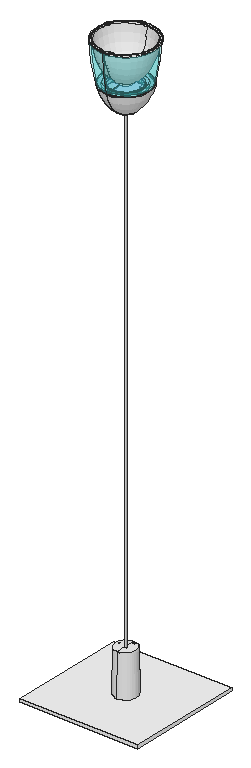
Revit family "BE_56565.1_de_DE", category Leuchten, Revit 2020
Family settings
  Basisbauteil = Fläche
  Bemaßung runder Anschluss = Durchmesser verwenden
  Teiletyp = Normal
  Beim Laden mit Abzugskörper schneiden = Ja
  Lichtquelle = Ja
  Gemeinsam genutzt = Nein
  Raumberechnungspunkt = Ja
Parameters (values of type "BEGA_56565.1_K3")
  built-in parameter 1150104 = 15.143 (stored number, unit not read)
  Wattage = 13.5 W
  Default Elevation = 0 mm
  built-in parameter 1150113 = 1 (stored number, unit not read)
  built-in parameter 1114218 = 1 (stored number, unit not read)
  Umgebungstemperatur = "25 °C"
  URL = "http://www.bega.de/de/produkt/56565.1"
  Typenkommentare = "© 2022 BEGA. Wir behalten uns das Recht vor, technische Änderungen ohne vorherige Ankündigung vorzunehmen."  # constant formula
  built-in parameter 1150134 = 12
  built-in parameter 1150109 = 1 (stored number, unit not read)
  Strom = ""
  built-in parameter 1150110 = 1 (stored number, unit not read)
  Spannung = 239.996 V
  Sonderanfertigung = no
  Seriennummer [instance] = "Hier können Sie die eindeutige Seriennummer für das Facility Management eintragen."
  Schutzklasse = "I"
  Schutzart = "IP 20"
  Scheinlast = 0 VA
  Produktdatenblatt = "http://www.bega.de/download/Xrfa/db/56565.1.db.de.pdf"
  Oberflächentemperatur = ""
  Neigungswinkel = 0.00°
  Model = "56565.1K4"
  Material_18 = BEGA_Gummi_schwarz
  Material_17 = BEGA_Reflektor
  Material_15 = BEGA_Leuchtmedium_matt
  Material_11 = BEGA_Glas_opal
  Material_10 = BEGA_Glas_matt
  Material_09 = BEGA_Glas_klar
  Material_06 = BEGA_Oberfläche_Edelstahl_gebürstet
  Material_05 = BEGA_Oberfläche_Aluminium Guss
  Material_03 = BEGA_Oberfläche_Weiss_matt
  Material_02 = BEGA_Oberfläche_Silber_matt
  Material_01 [instance] = BEGA_Oberfläche_Grafit_matt
  M_W = no
  M_G = no
  M_A = no
  Logo = 0
  built-in parameter 1114217 = 1 (stored number, unit not read)
  built-in parameter 1150139 = (empty or 0)
  built-in parameter 1150105 = 175.11 (stored number, unit not read)
  built-in parameter 1150114 = 1 (stored number, unit not read)
  Lumens = 2200.5 lm
  built-in parameter 1150115 = 1 (stored number, unit not read)
  Leuchtenlichtstrom = "1567 lm"
  Leuchtenanzahl = ""
  Lebensdauerkriterien = "L70B50 @ 25 °C = 500000 h"
  Lastklassifizierung = Beleuchtung
  built-in parameter 1150112 = 1 (stored number, unit not read)
  Lampenlichtstrom = "2200 lm"
  Lampe = "LED 13.5 W"
  LED_Modulbezeichnung = "LED-0328/940"
  Hersteller = "BEGA"  # constant formula
  Halbstreuwinkel = ""
  Gewicht = "2.5 kg"
  Gebrauchslageneinschränkung [instance] = ""
  Frequenz = "0/50-60 Hz"
  Farbwiedergabeindex = "CRI > 90"
  Farbtemperaturverschiebung bei Dämpfen der Lampe = <Keine Auswahl>
  Farbtemperatur = "4000 K"
  Color Filter = 16777215
  built-in parameter 1150133 = 10 (stored number, unit not read)
  Energieeffizienzklasse = "LED A++ - A"
  built-in parameter 1150137 = (empty or 0)
  built-in parameter 1150132 = (empty or 0)
  ENEC = "ja"
  Dimmbar [instance] = "DALI"
  Photometric Web File = "BE_56565.1K4.IES"
  CE_Konformität = "ja"
  Bestellnummer = "56565.1K4"
  Beschreibung_Sonderanfertigung = "Hier können Sie Informationen zur Sonderanfertigung eintragen."
  Beschreibung = "Pendelleuchte"
  built-in parameter 1150106 = 1.7511 (stored number, unit not read)
  Befestigungsbohrung = ""
  Befestigungsabstand = ""
  Ballwurfsicher = ""
  BEGA_Intern_aus = yes
  BEGA_Intern_an = yes
  BEGA_Intern_Konstruktion = yes
  BEGA_Intern = yes
  BEGA_IES = yes
  BEGA_Dummy = no
  Anschlussleitung = ""
  Anschlussleistung [instance] = "15.5 W"
  Anschlusskasten = ""
  built-in parameter 1150107 = 4000 (stored number, unit not read)
  built-in parameter 1150102 = (empty or 0)
  built-in parameter 1150138 = (empty or 0)
  Aktualisierung = "2019-07-09T04:00:12"
  Abstand_zur_angestrahlten_Fläche [instance] = ""
  AC/DC = "AC/DC"
Reference planes
  plane 1 "Mitte (Vorne/Hinten)": y = 0
  plane 2: z = 0
  plane 3 "Mitte (Links/Rechts)": x = 0
  plane 4 "Links": x = -98.7
  plane 5 "Rechts": x = 98.7
  plane 6 "Unten": y = -98.701
  plane 7 "Oben": y = 98.701
  plane 8 "Vorne": z = 2000
  plane 9 "Hinten": z = 0
Forms (mm)
  Extrusion 1, solid, material "BEGA_Platte_Weiss"
    sketch origin (0, -1119.2, 0) x (1, 0, 0) y (0, 1, 0)
      loop
        line (-200, 1319.2) -> (-200, 919.2) -> (200, 919.2) -> (200, 1319.2) -> (-200, 1319.2)
    from 0 to -10
  Extrusion 2, solid, material "BEGA_Dummy_matt", visible <- "BEGA_Dummy"
    sketch origin (77.149, -76.023, 0) x (1, 0, 0) y (0, 1, 0)
      loop
        circle (-77.149, 76.023) r 98.7
    from 0 to 2000
Dimensions and locks
  plane 1 "Mitte (Vorne/Hinten)" to Extrusion 1 = 200 mm
  aligned and locked: plane 2 to Extrusion 1
  aligned and locked: level to Extrusion 1
Nested families
  nested 1: "BE_56565.1" at (0, 0, 0), type "BE_56565.1"
Connectors
  electrical at (0, 0, 0), driven by "Lastklassifizierung", driven by "Spannung", driven by "Scheinlast"
    settings: index 1, voltage 239.996 V, apparent load 0 VA, apparent load phase1 0 VA, apparent load phase2 0 VA, apparent load phase3 0 VA, power factor 1, load classification "Beleuchtung", number of poles 1, system type 31, power factor state 1, is connector primary yes, connector utility no, sub classification motor no, connector description ""
Definition of nested family "BE_56565.1"
  Parameters (values of type "BE_56565.1")
    Default Elevation = 1 mm
    URL = "http://www.bega.de/de/produkt"
    Type Comments = "© 2015 BEGA. Wir behalten uns das Recht vor, technische Änderungen ohne vorherige Ankündigung vorzunehmen. "  # constant formula
    Type Image = (empty or 0)
    Neigungswinkel_um_Z2 = 0.00°
    Neigungswinkel_um_Z1 = 0.00°
    Neigungswinkel_um_Y2 = 0.00°
    Neigungswinkel_um_Y1 = 0.00°
    Neigungswinkel_um_X2 = 0.00°
    Neigungswinkel_um_X1 = 0.00°
    Material_18 = none
    Material_17 = none
    Material_15 = none
    Material_11 = none
    Material_10 = none
    Material_09 = none
    Material_06 = none
    Material_05 = none
    Material_03 = none
    Material_02 = none
    Material_01 = none
    M_W = yes
    M_G = yes
    M_A = yes
    Länge_Platte = 300 mm  # constant formula
    Höhe_Platte = -10 mm  # constant formula
    Manufacturer = "BEGA"  # constant formula
    Drehwinkel_um_Z2 = 0.00°
    Drehwinkel_um_Z1 = 0.00°
    Breite_Platte = 300 mm  # constant formula
  Reference planes
    plane 1 "Mitte (Oben/Unten)": y = 0
    plane 2: z = 0
    plane 3 "Mitte (Links/Rechts)": x = 0
    plane 4: y = 98.701
    plane 5: z = 2000
    plane 6: y = -98.701
    plane 7: x = -98.7
    plane 8: x = 98.7
  Forms (mm)
    Extrusion 1, solid, detail levels medium
      sketch origin (0, 0, 0) x (1, 0, 0) y (0, 1, 0)
        loop
          line (-150, 150) -> (-150, -150) -> (150, -150) -> (150, 150) -> (-150, 150)
      from 0 to -10 <- "Höhe_Platte"
    Revolve 2, solid, material <- "Material_03", detail levels medium+fine
      sketch origin (0, 0, 0) x (0, 1, 0) y (0, 0, 1)
        loop
          line (-36.248, 0.5) -> (-34, 0.5) -> (-34, 2.676) -> (-32.481, 2.729) -> (-31.3, 138.025)
          arc (-31.3, 138.025) -> (-30.705, 139.423) -> (-29.3, 140) r 2
          line (-29.3, 140) -> (0, 140) -> (0, 143.501)
          arc (0, 143.501) -> (-17.512, 143.245) -> (-35.009, 142.479) r 600
          line (-35.009, 142.479) -> (-36.248, 0.5)
        axis (0, 0.5) -> (0, 143.501)
      angle from 0 to 360
    Revolve 3, solid, material <- "Material_05", detail levels medium+fine
      sketch origin (0, 0, 0) x (0, 1, 0) y (0, 0, 1)
        loop
          line (-32.14, 2) -> (-32.175, 1) -> (-33.765, 1) -> (-33.8, 0) -> (0, 0) -> (0, 2) -> (-32.14, 2)
        axis (0, 0) -> (0, 2)
      angle from 0 to 360
    Extrusion 4, void
      sketch origin (0, 0, 0) x (1, 0, 0) y (0, 1, 0)
        loop
          arc (-9.887, 12.652) -> (-16.053, -0.003) -> (-9.876, -12.652) r 16.053
          line (-9.876, -12.652) -> (9.484, -12.652)
          arc (9.484, -12.652) -> (15.815, -0.003) -> (9.495, 12.652) r 15.815
          line (9.495, 12.652) -> (-9.887, 12.652)
        loop
          circle (-0.016, 25) r 2.25
        loop
          circle (-0.016, -25) r 2.25
      from 0 to 3.541
    Revolve 5, solid, material <- "Material_03", detail levels medium+fine
      sketch origin (0, 0, 0) x (0, 1, 0) y (0, 0, 1)
        loop
          line (-90.72, 2000.004) -> (-97.699, 2000.004)
          arc (-97.699, 2000.004) -> (-98.408, 1999.71) -> (-98.701, 1999.002) r 1.002
          line (-98.701, 1999.002) -> (-98.701, 1997) -> (-97.7, 1997) -> (-97.614, 1999) -> (-90.721, 1999)
          spline (-90.721, 1999) -> (-89.535, 1984.896) -> (-87.434, 1971.047) -> (-84.441, 1957.596) -> (-80.582, 1944.682) -> (-75.892, 1932.438) -> (-70.424, 1920.981) -> (-64.234, 1910.431) -> (-57.378, 1900.901) -> (-49.924, 1892.488) -> (-41.947, 1885.28) -> (-33.527, 1879.353) -> (-24.75, 1874.77)
          line (-24.75, 1874.77) -> (-24.75, 1869.5) -> (-23.753, 1869.5) -> (-23.753, 1874.786)
          arc (-23.753, 1874.786) -> (-23.92, 1875.336) -> (-24.363, 1875.702) r 0.997
          spline (-24.363, 1875.702) -> (-33.016, 1880.219) -> (-41.329, 1886.071) -> (-49.216, 1893.198) -> (-56.598, 1901.528) -> (-63.396, 1910.973) -> (-69.543, 1921.438) -> (-74.973, 1932.814) -> (-79.633, 1944.984) -> (-83.472, 1957.823) -> (-86.453, 1971.199) -> (-88.544, 1984.974) -> (-89.723, 1999.007)
          arc (-89.723, 1999.007) -> (-90.015, 1999.712) -> (-90.72, 2000.004) r 0.996
        axis (0, 1869.5) -> (0, 2000.004)
      angle from 0 to 360
    Revolve 6, solid, material <- "Material_09", detail levels medium+fine
      sketch origin (0, 0, 0) x (0, 1, 0) y (0, 0, 1)
        loop
          arc (-97.614, 1999) -> (-92.825, 1931.295) -> (-80.779, 1864.497) r 629.936
          arc (-80.779, 1864.497) -> (-80.433, 1863.938) -> (-79.821, 1863.698) r 1.04
          line (-79.821, 1863.698) -> (-65.895, 1862.968) -> (-61, 1837.468) -> (-56.5, 1837.468) -> (-56.5, 1860.345)
          arc (-56.5, 1860.345) -> (-58.424, 1865.16) -> (-63.134, 1867.33) r 7
          line (-63.134, 1867.33) -> (-77.199, 1868.067)
          arc (-77.199, 1868.067) -> (-88.717, 1933.108) -> (-93.313, 1999) r 625.636
          line (-93.313, 1999) -> (-97.614, 1999)
        axis (0, 1837.468) -> (0, 1999)
      angle from 0 to 360
    Revolve 7, solid, material <- "Material_03", detail levels medium+fine
      sketch origin (0, 0, 0) x (0, 1, 0) y (0, 0, 1)
        loop
          line (0.025, 1775.9) -> (0.025, 1779.75)
          arc (0.025, 1779.75) -> (-21.17, 1783.699) -> (-39.04, 1795.761) r 53.013
          arc (-39.04, 1795.761) -> (-62.198, 1826.889) -> (-76.386, 1863) r 146.692
          line (-76.386, 1863) -> (-80.4, 1863)
          arc (-80.4, 1863) -> (-65.84, 1825.416) -> (-41.834, 1793.04) r 150.592
          arc (-41.834, 1793.04) -> (-24.398, 1780.841) -> (-3.7, 1775.9) r 56.913
          line (-3.7, 1775.9) -> (0.025, 1775.9)
        axis (0.025, 1775.9) -> (0.025, 1863)
      angle from 0 to 360
    Revolve 8, solid, material <- "Material_03", detail levels medium+fine
      sketch origin (0, 0, 0) x (0, 1, 0) y (0, 0, 1)
        loop
          line (-2.51, 118.995) -> (0, 118.995) -> (0, 1796.8) -> (-2.51, 1796.8) -> (-2.51, 118.995)
        axis (0, 1796.8) -> (0, 118.995)
      angle from 0 to 360
    Revolve 9, solid, material <- "Material_10", detail levels medium+fine
      sketch origin (0, 0, 0) x (0, 1, 0) y (0, 0, 1)
        loop
          line (0, 1869.794) -> (0, 1883.794)
          arc (0, 1883.794) -> (-11.444, 1882.094) -> (-21.9, 1877.14) r 39.364
          arc (-21.9, 1877.14) -> (-22.828, 1876.132) -> (-23.211, 1874.815) r 3
          line (-23.211, 1874.815) -> (-23.5, 1869.296) -> (-54.054, 1865.002) -> (-54.472, 1857.03)
          arc (-54.472, 1857.03) -> (-54.337, 1856.657) -> (-53.973, 1856.5) r 0.5
          line (-53.973, 1856.5) -> (-50.494, 1856.5) -> (-50.232, 1861.5) -> (-20.486, 1865.681)
          arc (-20.486, 1865.681) -> (-19.892, 1865.998) -> (-19.635, 1866.621) r 1
          line (-19.635, 1866.621) -> (-19.468, 1869.794) -> (0, 1869.794)
        axis (0, 1883.794) -> (0, 1856.5)
      angle from 0 to 360
  Cuts and joins
    Extrusion 4 cuts Revolve 3
  Dimensions and locks
    equal spacing: Extrusion 1 sketch curve, plane 3 "Mitte (Links/Rechts)", Extrusion 1 sketch curve
    equal spacing: Extrusion 1 sketch curve, plane 1 "Mitte (Oben/Unten)", Extrusion 1 sketch curve
    "Länge_Platte": Extrusion 1 sketch curve to Extrusion 1 sketch curve
    "Breite_Platte": Extrusion 1 sketch curve to Extrusion 1 sketch curve
    aligned and locked: Extrusion 1 to plane 2
    aligned and locked: level to Extrusion 1
  Automatic sketch dimensions
    Revolve 3 sketch curve to plane 1 "Mitte (Oben/Unten)" = 0 mm  (x2)
    Revolve 3 sketch curve to level = 0 mm  (x2)
    plane 1 "Mitte (Oben/Unten)" to Revolve 3 sketch curve = 32.14 mm
    Revolve 3 sketch curve to Revolve 3 sketch curve = 2.125 mm
    Revolve 3 sketch curve to Revolve 3 sketch curve = 0.035 mm  (x2)
    Revolve 3 sketch curve to Revolve 3 sketch curve = 1.59 mm
    level to Revolve 3 sketch curve = 1 mm
    Revolve 3 sketch curve to Revolve 3 sketch curve = 2 mm
    Extrusion 4 sketch curve to Extrusion 4 sketch curve = 0 mm  (x2)
    Extrusion 4 sketch curve to plane 3 "Mitte (Links/Rechts)" = 0 mm
    Extrusion 4 sketch curve to plane 3 "Mitte (Links/Rechts)" = 0.016 mm  (x2)
    Extrusion 4 sketch curve to plane 3 "Mitte (Links/Rechts)" = 9.876 mm
    Extrusion 4 sketch curve to plane 3 "Mitte (Links/Rechts)" = 9.887 mm
    plane 3 "Mitte (Links/Rechts)" to Extrusion 4 sketch curve = 9.484 mm
    plane 1 "Mitte (Oben/Unten)" to Extrusion 4 sketch curve = 25 mm
    Extrusion 4 sketch curve to plane 1 "Mitte (Oben/Unten)" = 0.004 mm
    Extrusion 4 sketch curve to Extrusion 4 sketch curve = 12.348 mm
    plane 1 "Mitte (Oben/Unten)" to Extrusion 4 sketch curve = 12.652 mm
    Revolve 2 sketch curve to plane 1 "Mitte (Oben/Unten)" = 0 mm  (x2)
    plane 1 "Mitte (Oben/Unten)" to Revolve 2 sketch curve = 29.3 mm
    Revolve 2 sketch curve to Revolve 2 sketch curve = 2 mm
    level to Revolve 2 sketch curve = 2.729 mm
    plane 1 "Mitte (Oben/Unten)" to Revolve 2 sketch curve = 32.481 mm
    Revolve 2 sketch curve to Revolve 2 sketch curve = 1.52 mm
    Revolve 2 sketch curve to Revolve 2 sketch curve = 3.709 mm
    level to Revolve 2 sketch curve = 0.5 mm
    Revolve 2 sketch curve to Revolve 2 sketch curve = 2.248 mm
    Revolve 2 sketch curve to level = 456.499 mm
    Revolve 2 sketch curve to Revolve 2 sketch curve = 0.053 mm
    Revolve 2 sketch curve to Revolve 2 sketch curve = 135.271 mm
    Revolve 2 sketch curve to Revolve 2 sketch curve = 0.025 mm
    Revolve 2 sketch curve to Revolve 2 sketch curve = 0 mm  (x4)
    Revolve 2 sketch curve to Revolve 2 sketch curve = 4.454 mm
    Revolve 2 sketch curve to Revolve 2 sketch curve = 46.562 mm
    plane 1 "Mitte (Oben/Unten)" to Revolve 7 sketch curve = 1.065 mm
    plane 1 "Mitte (Oben/Unten)" to Revolve 7 sketch curve = 3.7 mm
    Revolve 7 sketch curve to Revolve 7 sketch curve = 0 mm  (x8)
    Revolve 7 sketch curve to plane 1 "Mitte (Oben/Unten)" = 0.025 mm  (x2)
    Revolve 7 sketch curve to Revolve 7 sketch curve = 3.85 mm  (x2)
    Revolve 7 sketch curve to Revolve 7 sketch curve = 2.794 mm  (x2)
    Revolve 7 sketch curve to Revolve 7 sketch curve = 4.014 mm
    Revolve 7 sketch curve to Revolve 7 sketch curve = 2.721 mm
    Revolve 6 sketch curve to Revolve 6 sketch curve = 0 mm  (x6)
    Revolve 6 sketch curve to plane 1 "Mitte (Oben/Unten)" = 0 mm
    Revolve 6 sketch curve to Revolve 6 sketch curve = 4.5 mm
    Revolve 6 sketch curve to Revolve 6 sketch curve = 7 mm
    Revolve 6 sketch curve to Revolve 6 sketch curve = 2.395 mm
    Revolve 6 sketch curve to Revolve 6 sketch curve = 2.568 mm
    Revolve 6 sketch curve to Revolve 6 sketch curve = 0.054 mm
    Revolve 6 sketch curve to Revolve 6 sketch curve = 4.301 mm
    Revolve 6 sketch curve to Revolve 6 sketch curve = 22.871 mm
    Revolve 6 sketch curve to Revolve 6 sketch curve = 0.005 mm
    Revolve 6 sketch curve to Revolve 6 sketch curve = 2.629 mm
    Revolve 6 sketch curve to Revolve 6 sketch curve = 0.73 mm
    Revolve 6 sketch curve to Revolve 6 sketch curve = 1.039 mm
    Revolve 6 sketch curve to Revolve 6 sketch curve = 3.33 mm
    Revolve 6 sketch curve to Revolve 6 sketch curve = 130.933 mm
    Revolve 6 sketch curve to Revolve 6 sketch curve = 2.762 mm
    Revolve 6 sketch curve to Revolve 6 sketch curve = 4.538 mm
    Revolve 6 sketch curve to Revolve 6 sketch curve = 60 mm
    Revolve 5 sketch curve to plane 1 "Mitte (Oben/Unten)" = 0 mm
    plane 1 "Mitte (Oben/Unten)" to Revolve 5 sketch curve = 23.753 mm
    Revolve 5 sketch curve to Revolve 5 sketch curve = 0.997 mm  (x2)
    Revolve 5 sketch curve to Revolve 5 sketch curve = 0.001 mm  (x2)
    Revolve 5 sketch curve to Revolve 5 sketch curve = 6.893 mm
    Revolve 5 sketch curve to Revolve 5 sketch curve = 0.086 mm
    Revolve 5 sketch curve to Revolve 5 sketch curve = 1.001 mm
    Revolve 5 sketch curve to Revolve 5 sketch curve = 5.27 mm
    Revolve 5 sketch curve to Revolve 5 sketch curve = 0.013 mm
    Revolve 5 sketch curve to Revolve 5 sketch curve = 0.003 mm
    Revolve 5 sketch curve to Revolve 5 sketch curve = 122.217 mm
    Revolve 5 sketch curve to Revolve 5 sketch curve = 2 mm
    Revolve 5 sketch curve to Revolve 5 sketch curve = 0.002 mm
    Revolve 5 sketch curve to Revolve 5 sketch curve = 0.007 mm
    plane 1 "Mitte (Oben/Unten)" to Revolve 5 sketch curve = 0 mm
    Revolve 5 sketch curve to Revolve 5 sketch curve = 0.387 mm
    Revolve 5 sketch curve to Revolve 5 sketch curve = 19.011 mm
    Revolve 5 sketch curve to Revolve 5 sketch curve = 41.039 mm
    Revolve 5 sketch curve to Revolve 5 sketch curve = 10.984 mm
    Revolve 9 sketch curve to plane 1 "Mitte (Oben/Unten)" = 0 mm  (x2)
    plane 1 "Mitte (Oben/Unten)" to Revolve 9 sketch curve = 0.001 mm
    plane 1 "Mitte (Oben/Unten)" to Revolve 9 sketch curve = 19.468 mm
    Revolve 9 sketch curve to Revolve 9 sketch curve = 0.166 mm
    Revolve 9 sketch curve to Revolve 9 sketch curve = 0.746 mm
    Revolve 9 sketch curve to Revolve 9 sketch curve = 0.852 mm
    Revolve 9 sketch curve to Revolve 9 sketch curve = 0.147 mm
    Revolve 9 sketch curve to Revolve 9 sketch curve = 2.866 mm
    Revolve 9 sketch curve to Revolve 9 sketch curve = 0.262 mm
    Revolve 9 sketch curve to Revolve 9 sketch curve = 3.479 mm
    Revolve 9 sketch curve to Revolve 9 sketch curve = 3.822 mm
    Revolve 9 sketch curve to Revolve 9 sketch curve = 0.499 mm
    Revolve 9 sketch curve to Revolve 9 sketch curve = 12.07 mm
    Revolve 9 sketch curve to Revolve 9 sketch curve = 0.5 mm
    Revolve 9 sketch curve to Revolve 9 sketch curve = 5 mm
    Revolve 9 sketch curve to Revolve 9 sketch curve = 3.502 mm
    Revolve 9 sketch curve to Revolve 9 sketch curve = 21.25 mm
    Revolve 9 sketch curve to Revolve 9 sketch curve = 0.941 mm
    Revolve 9 sketch curve to Revolve 9 sketch curve = 2.627 mm
    Revolve 9 sketch curve to Revolve 9 sketch curve = 3.173 mm
    Revolve 9 sketch curve to Revolve 9 sketch curve = 4.864 mm
    Revolve 9 sketch curve to Revolve 9 sketch curve = 14 mm
    Revolve 9 sketch curve to Revolve 9 sketch curve = 1.685 mm
    Revolve 9 sketch curve to Revolve 9 sketch curve = 1.311 mm
    Revolve 9 sketch curve to Revolve 9 sketch curve = 0 mm  (x3)
    Revolve 9 sketch curve to Revolve 9 sketch curve = 4.35 mm
    Revolve 8 sketch curve to plane 1 "Mitte (Oben/Unten)" = 0 mm  (x2)
    Revolve 8 sketch curve to Revolve 8 sketch curve = 2.51 mm
    level to Revolve 8 sketch curve = 118.995 mm
    Revolve 8 sketch curve to Revolve 8 sketch curve = 50 mm
    plane 1 "Mitte (Oben/Unten)" to Revolve 5 sketch curve = 90.72 mm
    plane 1 "Mitte (Oben/Unten)" to Revolve 6 sketch curve = 56.5 mm
    Revolve 6 sketch curve to Revolve 6 sketch curve = 11.304 mm
    plane 1 "Mitte (Oben/Unten)" to Revolve 6 sketch curve = 93.313 mm
    plane 1 "Mitte (Oben/Unten)" to Revolve 7 sketch curve = 76.386 mm
    Revolve 9 sketch curve to Revolve 9 sketch curve = 26.732 mm
    plane 5 to Revolve 5 sketch curve = 130.5 mm
    Revolve 6 sketch curve to plane 5 = 9.529 mm
    Revolve 6 sketch curve to plane 4 = 433.533 mm
    plane 5 to Revolve 7 sketch curve = 224.1 mm
    plane 5 to Revolve 8 sketch curve = 203.2 mm
    Revolve 8 sketch curve to Revolve 8 sketch curve = 502.805 mm
    plane 5 to Revolve 9 sketch curve = 155.57 mm
    radius of Extrusion 4 sketch curve = 2.25 mm  (x2)
